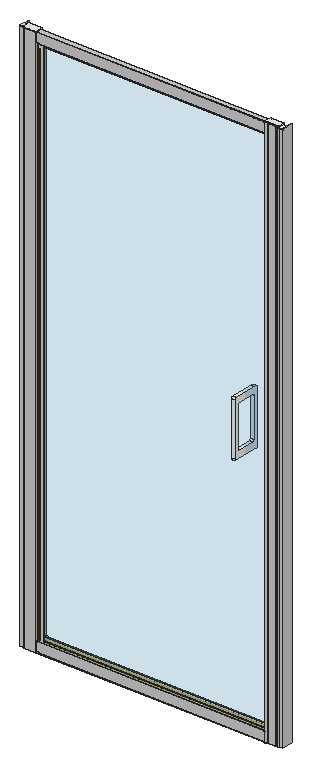
Revit family "TOPP", category Plumbing Fixtures, Revit 2015
Parameters (values of type "900")
  Seal = Seal
  Profile = Profile
  Glass = Glass
  Aluminum = Aluminum
  A = 900 mm
  URL = "http://www.sanswiss.com/"
  Type Comments = "TOP LINE"
  Model = "TOPP"
  Manufacturer = "SanSwiss"
Types (5, lengths in mm): name | A
  700 | 700
  750 | 750
  1000 | 1000
  900 | 900
  800 | 800
Reference planes
  plane 1 "Center (Front/Back)": y = 0
  plane 2: z = 0
  plane 3 "Center (Left/Right)": x = 0
  plane 4 "P": x = 900
  plane 5 "top": z = 1902.5
  plane 6: x = 845
Forms (mm)
  Sweep 1, solid, material "Profile" <- "Profile"
    path origin (0, 12.3, 2.5) x (0, 1, 0) y (0, 0, 1)
      loop
        line (0, 1898) -> (0, 0)
    profile origin (0, 12.3, 951.5) x (1, 0, 0) y (0, 1, 0)
      loop
        line (1.457, -9) -> (36.499, -9)
        arc (36.499, -9) -> (37.56, -8.561) -> (37.999, -7.5) r 1.5
        line (37.999, -7.5) -> (37.999, 7.5)
        arc (37.999, 7.5) -> (37.56, 8.561) -> (36.499, 9) r 1.5
        line (36.499, 9) -> (2.518, 9)
        arc (2.518, 9) -> (1.798, 9.298) -> (1.5, 10.018) r 1.018
        line (1.5, 10.018) -> (1.5, 27.3)
        arc (1.5, 27.3) -> (1.061, 28.361) -> (0, 28.8) r 1.5
        line (0, 28.8) -> (0, -7.543)
        arc (0, -7.543) -> (0.427, -8.573) -> (1.457, -9) r 1.457
  Sweep 2, solid, material "Profile" <- "Profile"
    path origin (0, 12.3, 2.5) x (0, 1, 0) y (0, 0, 1)
      loop
        line (0, 1900) -> (0, 0)
    profile origin (0, 12.3, 952.5) x (1, 0, 0) y (0, 1, 0)
      loop
        line (14.5, 9) -> (16, 9) -> (16, 10.8) -> (22.8, 10.8) -> (22.8, 9.2) -> (24.3, 9.2) -> (24.3, 10.8) -> (53.5, 10.8) -> (53.5, 5.5) -> (52.2, 5.5)
        arc (52.2, 5.5) -> (50.998, 5.002) -> (50.5, 3.8) r 1.7
        line (50.5, 3.8) -> (50.5, -10.8) -> (24.3, -10.8) -> (24.3, -9.2) -> (22.8, -9.2) -> (22.8, -10.8) -> (16, -10.8) -> (16, -9) -> (14.5, -9) -> (14.5, -10.8)
        arc (14.5, -10.8) -> (14.939, -11.861) -> (16, -12.3) r 1.5
        line (16, -12.3) -> (57.75, -12.3)
        arc (57.75, -12.3) -> (58.5, -11.55) -> (57.75, -10.8) r 0.75
        line (57.75, -10.8) -> (55, -10.8) -> (55, 10.8) -> (57.75, 10.8)
        arc (57.75, 10.8) -> (58.5, 11.55) -> (57.75, 12.3) r 0.75
        line (57.75, 12.3) -> (16, 12.3)
        arc (16, 12.3) -> (14.939, 11.861) -> (14.5, 10.8) r 1.5
        line (14.5, 10.8) -> (14.5, 9)
  Sweep 3, solid, material "Profile" <- "Profile"
    path origin (0, 0, 0) x (0, 1, 0) y (0, 0, 1)
      loop
        line (11.956, 1872) -> (11.956, 34.5)
    profile origin (0, 11.956, 953.25) x (1, 0, 0) y (0, 1, 0)
      loop
        line (69.875, 4.344) -> (75.346, 4.344)
        arc (75.346, 4.344) -> (75.852, 4.606) -> (75.931, 5.171) r 0.62
        arc (75.931, 5.171) -> (56.48, 1.825) -> (75.944, -1.445) r 10.01
        arc (75.944, -1.445) -> (75.867, -0.906) -> (75.382, -0.656) r 0.594
        line (75.382, -0.656) -> (69.875, -0.656)
        arc (69.875, -0.656) -> (62.188, 1.844) -> (69.875, 4.344) r 4.25
  Sweep 4, solid, material "Seal" <- "Seal"
    path origin (0, 0, 0) x (0, 1, 0) y (0, 0, 1)
      loop
        line (12.581, 1872) -> (12.581, 30.897)
    profile origin (0, 12.581, 951.448) x (1, 0, 0) y (0, 1, 0)
      loop
        line (55, 10.519) -> (55, -10.158) -> (62.742, -9.355)
        arc (62.742, -9.355) -> (63.177, -8.589) -> (62.311, -8.427) r 0.541
        arc (62.311, -8.427) -> (55.662, -0.072) -> (60.015, 9.678) r 10.281
        line (60.015, 9.678) -> (61.181, 9.706)
        arc (61.181, 9.706) -> (62.131, 10.244) -> (63.144, 10.65) r 8.177
        line (63.144, 10.65) -> (57.75, 10.519) -> (55, 10.519)
  Extrusion 5, solid, material "Glass" <- "Glass"
    sketch origin (-175.162, 1.619, 0) x (0, -1, 0) y (1, 0, 0)
      loop
        line (-14.681, 1013.174) -> (-14.681, 237.35) -> (-9.681, 237.35) -> (-9.681, 1013.174) -> (-14.681, 1013.174)
    from 43.5 to 1857
  Extrusion 6, solid, material "Aluminum" <- "Aluminum"
    sketch origin (0, 0, 0) x (1, 0, 0) y (0, 1, 0)
      loop
        line (37.999, 4.8) -> (37.999, 19.8)
        arc (37.999, 19.8) -> (37.56, 20.861) -> (36.499, 21.3) r 1.5
        line (36.499, 21.3) -> (1.5, 21.3)
        arc (1.5, 21.3) -> (0.439, 20.861) -> (0, 19.8) r 1.5
        line (0, 19.8) -> (0, 4.8)
        arc (0, 4.8) -> (0.439, 3.739) -> (1.5, 3.3) r 1.5
        line (1.5, 3.3) -> (36.499, 3.3)
        arc (36.499, 3.3) -> (37.56, 3.739) -> (37.999, 4.8) r 1.5
    from 1900.5 to 1901.5
  Extrusion 7, solid, material "Aluminum" <- "Aluminum"
    sketch origin (0, 0, 0) x (1, 0, 0) y (0, 1, 0)
      loop
        line (57.7, 24.6) -> (16, 24.6)
        arc (16, 24.6) -> (14.939, 24.161) -> (14.5, 23.1) r 1.5
        line (14.5, 23.1) -> (14.5, 21.3)
        arc (14.5, 21.3) -> (13.439, 20.861) -> (13, 19.8) r 1.5
        line (13, 19.8) -> (13, 4.8)
        arc (13, 4.8) -> (13.439, 3.739) -> (14.5, 3.3) r 1.5
        line (14.5, 3.3) -> (14.5, 1.5)
        arc (14.5, 1.5) -> (14.939, 0.439) -> (16, 0) r 1.5
        line (16, 0) -> (57.7, 0)
        arc (57.7, 0) -> (58.266, 0.234) -> (58.5, 0.8) r 0.8
        line (58.5, 0.8) -> (58.5, 23.8)
        arc (58.5, 23.8) -> (58.266, 24.366) -> (57.7, 24.6) r 0.8
    from 1902.5 to 1905
  Extrusion 8, solid, material "Profile" <- "Profile"
    sketch origin (751.265, 9.581, 1884.563) x (0, 0, -1) y (0, -1, 0)
      loop
        line (16.663, 8.081) -> (-16.898, 8.081)
        arc (-16.898, 8.081) -> (-17.633, 7.776) -> (-17.937, 7.041) r 1.04
        line (-17.937, 7.041) -> (-17.937, -8.904)
        arc (-17.937, -8.904) -> (-17.64, -9.622) -> (-16.922, -9.919) r 1.015
        line (-16.922, -9.919) -> (10.045, -9.919)
        arc (10.045, -9.919) -> (10.66, -9.711) -> (11.02, -9.171) r 1.01
        line (11.02, -9.171) -> (12.342, -4.239)
        arc (12.342, -4.239) -> (12.507, -3.407) -> (12.563, -2.56) r 6.486
        line (12.563, -2.56) -> (12.563, 6.281) -> (16.663, 6.281)
        arc (16.663, 6.281) -> (17.563, 7.181) -> (16.663, 8.081) r 0.9
    from -93.735 to 696.265
  Extrusion 9, solid, material "Profile" <- "Profile"
    sketch origin (751.265, 9.581, 18.437) x (0, 0, 1) y (0, 1, 0)
      loop
        arc (16.663, -8.081) -> (17.563, -7.181) -> (16.663, -6.281) r 0.9
        line (16.663, -6.281) -> (12.563, -6.281) -> (12.563, 3.414) -> (11.02, 9.171)
        arc (11.02, 9.171) -> (10.66, 9.711) -> (10.045, 9.919) r 1.01
        line (10.045, 9.919) -> (-16.922, 9.919)
        arc (-16.922, 9.919) -> (-17.64, 9.622) -> (-17.937, 8.904) r 1.015
        line (-17.937, 8.904) -> (-17.937, -7.041)
        arc (-17.937, -7.041) -> (-17.633, -7.776) -> (-16.898, -8.081) r 1.04
        line (-16.898, -8.081) -> (16.663, -8.081)
    from -93.735 to 696.265
  Extrusion 10, solid, material "Seal" <- "Seal"
    sketch origin (836, 16.075, 39.524) x (0, 0, 1) y (0, -1, 0)
      loop
        line (1.917, -3.558) -> (-13.17, -5.327)
        arc (-13.17, -5.327) -> (-13.521, -5.771) -> (-13.077, -6.121) r 0.4
        line (-13.077, -6.121) -> (1.54, -4.408)
        arc (1.54, -4.408) -> (1.988, -4.593) -> (2.173, -5.041) r 0.633
        line (2.173, -5.041) -> (1.644, -7.117)
        arc (1.644, -7.117) -> (2.113, -7.907) -> (2.903, -7.438) r 0.65
        line (2.903, -7.438) -> (4.256, -2.137)
        arc (4.256, -2.137) -> (4.465, -1.803) -> (4.83, -1.652) r 0.648
        line (4.83, -1.652) -> (11.841, -1.065)
        arc (11.841, -1.065) -> (12.435, -0.363) -> (11.733, 0.23) r 0.65
        line (11.733, 0.23) -> (1.561, -0.62)
        arc (1.561, -0.62) -> (0.8, -0.36) -> (0.476, 0.378) r 1.002
        line (0.476, 0.378) -> (0.476, 4.593)
        arc (0.476, 4.593) -> (0.794, 5.317) -> (1.542, 5.574) r 0.984
        line (1.542, 5.574) -> (12.005, 4.699)
        arc (12.005, 4.699) -> (12.707, 5.292) -> (12.114, 5.994) r 0.65
        line (12.114, 5.994) -> (2.047, 6.836) -> (1.218, 6.859)
        arc (1.218, 6.859) -> (-0.239, 6.107) -> (-0.824, 4.576) r 2.297
        line (-0.824, 4.576) -> (-0.824, 3.078)
        arc (-0.824, 3.078) -> (-2.089, 2.679) -> (-3.401, 2.876) r 2.942
        line (-3.401, 2.876) -> (-11.579, 2.876) -> (-11.793, 2.076) -> (-3.401, 2.076)
        arc (-3.401, 2.076) -> (-2.089, 2.273) -> (-0.824, 1.874) r 2.942
        line (-0.824, 1.874) -> (-0.824, 0.376)
        arc (-0.824, 0.376) -> (-0.239, -1.156) -> (1.218, -1.907) r 2.297
        arc (1.218, -1.907) -> (1.755, -2.653) -> (1.917, -3.558) r 2.076
    from -759.003 to 9
  Extrusion 11, solid, material "Aluminum" <- "Aluminum"
    sketch origin (1.5, 22.318, 1900.5) x (0, 0, -1) y (0, 1, 0)
      loop
        circle (100, 8.982) r 6.734
    from 0 to 5.417
  Extrusion 12, solid, material "Aluminum" <- "Aluminum"
    sketch origin (1.5, 22.318, 1051.472) x (0, 0, -1) y (0, 1, 0)
      loop
        circle (100, 8.982) r 6.734
    from 0 to 5.417
  Extrusion 13, solid, material "Aluminum" <- "Aluminum"
    sketch origin (1.5, 22.318, 202.454) x (0, 0, -1) y (0, 1, 0)
      loop
        circle (100, 8.982) r 6.734
    from 0 to 5.417
  Extrusion 14, solid, material "Aluminum" <- "Aluminum"
    sketch origin (1098.494, 22.318, 1898) x (0, 0, -1) y (0, -1, 0)
      loop
        circle (100, -8.982) r 6.734
    from 199.994 to 205.418
  Extrusion 15, solid, material "Aluminum" <- "Aluminum"
    sketch origin (1098.494, 22.318, 1048.972) x (0, 0, -1) y (0, -1, 0)
      loop
        circle (100, -8.982) r 6.734
    from 199.994 to 205.418
  Extrusion 16, solid, material "Aluminum" <- "Aluminum"
    sketch origin (1098.494, 22.318, 199.954) x (0, 0, -1) y (0, -1, 0)
      loop
        circle (100, -8.982) r 6.734
    from 199.994 to 205.418
  Sweep 17, solid, material "Profile" <- "Profile"
    path origin (900, 0, 2.5) x (0, 1, 0) y (0, 0, 1)
      loop
        line (8.3, 1900) -> (8.3, 0)
    profile origin (900, 8.3, 952.5) x (1, 0, 0) y (0, 1, 0)
      loop
        line (-14.5, 13) -> (-14.5, 14.8)
        arc (-14.5, 14.8) -> (-14.939, 15.861) -> (-16, 16.3) r 1.5
        line (-16, 16.3) -> (-57.75, 16.3)
        arc (-57.75, 16.3) -> (-58.5, 15.55) -> (-57.75, 14.8) r 0.75
        line (-57.75, 14.8) -> (-55, 14.8) -> (-55, -6.8) -> (-57.75, -6.8)
        arc (-57.75, -6.8) -> (-58.5, -7.55) -> (-57.75, -8.3) r 0.75
        line (-57.75, -8.3) -> (-16, -8.3)
        arc (-16, -8.3) -> (-14.939, -7.861) -> (-14.5, -6.8) r 1.5
        line (-14.5, -6.8) -> (-14.5, -5) -> (-16, -5) -> (-16, -6.8) -> (-22.8, -6.8) -> (-22.8, -5.2) -> (-24.3, -5.2) -> (-24.3, -6.8) -> (-50.5, -6.8) -> (-50.5, 7.8)
        arc (-50.5, 7.8) -> (-50.998, 9.002) -> (-52.2, 9.5) r 1.7
        line (-52.2, 9.5) -> (-53.5, 9.5) -> (-53.5, 14.8) -> (-24.3, 14.8) -> (-24.3, 13.2) -> (-22.8, 13.2) -> (-22.8, 14.8) -> (-16, 14.8) -> (-16, 13) -> (-14.5, 13)
  Extrusion 18, solid, material "Aluminum" <- "Aluminum"
    sketch origin (924.377, 0, 0) x (-1, 0, 0) y (0, -1, 0)
      loop
        arc (82.075, -24.6) -> (82.641, -24.366) -> (82.875, -23.8) r 0.8
        line (82.875, -23.8) -> (82.875, -0.8)
        arc (82.875, -0.8) -> (82.641, -0.234) -> (82.075, 0) r 0.8
        line (82.075, 0) -> (40.376, 0)
        arc (40.376, 0) -> (39.316, -0.439) -> (38.876, -1.5) r 1.5
        line (38.876, -1.5) -> (38.876, -3.3)
        arc (38.876, -3.3) -> (37.816, -3.74) -> (37.377, -4.8) r 1.5
        line (37.377, -4.8) -> (37.377, -19.799)
        arc (37.377, -19.799) -> (37.816, -20.86) -> (38.876, -21.299) r 1.5
        line (38.876, -21.299) -> (38.876, -23.1)
        arc (38.876, -23.1) -> (39.316, -24.161) -> (40.376, -24.6) r 1.5
        line (40.376, -24.6) -> (82.075, -24.6)
    from 1902.5 to 1905
  Extrusion 19, solid, material "Aluminum" <- "Aluminum"
    sketch origin (930.971, 0, 0) x (-1, 0, 0) y (0, -1, 0)
      loop
        arc (68.97, -4.8) -> (68.531, -3.739) -> (67.47, -3.3) r 1.5
        line (67.47, -3.3) -> (32.471, -3.3)
        arc (32.471, -3.3) -> (31.41, -3.739) -> (30.971, -4.8) r 1.5
        line (30.971, -4.8) -> (30.971, -19.8)
        arc (30.971, -19.8) -> (31.41, -20.861) -> (32.471, -21.3) r 1.5
        line (32.471, -21.3) -> (67.47, -21.3)
        arc (67.47, -21.3) -> (68.531, -20.861) -> (68.97, -19.8) r 1.5
        line (68.97, -19.8) -> (68.97, -4.8)
    from 1900.5 to 1901.5
  Sweep 20, solid, material "Seal" <- "Seal"
    path origin (200, 0, 0) x (1, 0, 0) y (0, 0, 1)
      loop
        line (700, 51.076) -> (700, 1857)
    profile origin (900, 0, 954.038) x (-1, 0, 0) y (0, -1, 0)
      loop
        line (68.957, -16.256) -> (63.084, -17.082)
        arc (63.084, -17.082) -> (62.365, -16.896) -> (61.988, -16.256) r 0.97
        line (61.988, -16.256) -> (61.988, -11.336)
        arc (61.988, -11.336) -> (62.365, -10.696) -> (63.084, -10.51) r 0.97
        line (63.084, -10.51) -> (68.957, -11.336)
        arc (68.957, -11.336) -> (68.92, -10.523) -> (68.267, -10.038) r 0.947
        line (68.267, -10.038) -> (63.3, -9.319)
        arc (63.3, -9.319) -> (62.741, -9.309) -> (62.197, -9.441) r 2.201
        arc (62.197, -9.441) -> (60.299, -7.871) -> (57.904, -7.292) r 5.475
        arc (57.904, -7.292) -> (55.877, -7.893) -> (55, -9.817) r 2.549
        line (55, -9.817) -> (55, -17.775)
        arc (55, -17.775) -> (55.877, -19.699) -> (57.904, -20.3) r 2.549
        arc (57.904, -20.3) -> (60.299, -19.721) -> (62.197, -18.151) r 5.475
        arc (62.197, -18.151) -> (62.741, -18.282) -> (63.3, -18.273) r 2.201
        line (63.3, -18.273) -> (68.267, -17.553)
        arc (68.267, -17.553) -> (68.92, -17.069) -> (68.957, -16.256) r 0.947
  Sweep 21, solid, material "Profile" <- "Profile"
    path origin (200, 0, 2.5) x (1, 0, 0) y (0, 0, 1)
      loop
        line (700, 0) -> (700, 1898)
    profile origin (900, 0, 951.5) x (-1, 0, 0) y (0, -1, 0)
      loop
        arc (1.457, -3.3) -> (0.427, -3.727) -> (0, -4.757) r 1.457
        line (0, -4.757) -> (0, -41.1)
        arc (0, -41.1) -> (1.061, -40.661) -> (1.5, -39.6) r 1.5
        line (1.5, -39.6) -> (1.5, -22.318)
        arc (1.5, -22.318) -> (1.798, -21.598) -> (2.518, -21.3) r 1.018
        line (2.518, -21.3) -> (36.499, -21.3)
        arc (36.499, -21.3) -> (37.56, -20.861) -> (37.999, -19.8) r 1.5
        line (37.999, -19.8) -> (37.999, -4.8)
        arc (37.999, -4.8) -> (37.56, -3.739) -> (36.499, -3.3) r 1.5
        line (36.499, -3.3) -> (1.457, -3.3)
  Extrusion 22, solid, material "Aluminum" <- "Aluminum", not visible
    sketch origin (898.494, 22.318, 1898) x (0, 0, -1) y (0, -1, 0)
      loop
        circle (100, -8.982) r 6.734
    from 199.994 to 205.418
  Extrusion 23, solid, material "Aluminum" <- "Aluminum", not visible
    sketch origin (898.494, 22.318, 1048.972) x (0, 0, -1) y (0, -1, 0)
      loop
        circle (100, -8.982) r 6.734
    from 199.994 to 205.418
  Extrusion 24, solid, material "Aluminum" <- "Aluminum", not visible
    sketch origin (898.494, 22.318, 199.954) x (0, 0, -1) y (0, -1, 0)
      loop
        circle (100, -8.982) r 6.734
    from 199.994 to 205.418
  Sweep 25, solid, material "Profile" <- "Profile", not visible
    path origin (700, 0, 2.5) x (0, 1, 0) y (0, 0, 1)
      loop
        line (8.3, 1900) -> (8.3, 0)
    profile origin (700, 8.3, 952.5) x (1, 0, 0) y (0, 1, 0)
      loop
        line (-14.5, 13) -> (-14.5, 14.8)
        arc (-14.5, 14.8) -> (-14.939, 15.861) -> (-16, 16.3) r 1.5
        line (-16, 16.3) -> (-57.75, 16.3)
        arc (-57.75, 16.3) -> (-58.5, 15.55) -> (-57.75, 14.8) r 0.75
        line (-57.75, 14.8) -> (-55, 14.8) -> (-55, -6.8) -> (-57.75, -6.8)
        arc (-57.75, -6.8) -> (-58.5, -7.55) -> (-57.75, -8.3) r 0.75
        line (-57.75, -8.3) -> (-16, -8.3)
        arc (-16, -8.3) -> (-14.939, -7.861) -> (-14.5, -6.8) r 1.5
        line (-14.5, -6.8) -> (-14.5, -5) -> (-16, -5) -> (-16, -6.8) -> (-22.8, -6.8) -> (-22.8, -5.2) -> (-24.3, -5.2) -> (-24.3, -6.8) -> (-50.5, -6.8) -> (-50.5, 7.8)
        arc (-50.5, 7.8) -> (-50.998, 9.002) -> (-52.2, 9.5) r 1.7
        line (-52.2, 9.5) -> (-53.5, 9.5) -> (-53.5, 14.8) -> (-24.3, 14.8) -> (-24.3, 13.2) -> (-22.8, 13.2) -> (-22.8, 14.8) -> (-16, 14.8) -> (-16, 13) -> (-14.5, 13)
  Extrusion 26, solid, material "Aluminum" <- "Aluminum", not visible
    sketch origin (724.377, 0, 0) x (-1, 0, 0) y (0, -1, 0)
      loop
        arc (82.075, -24.6) -> (82.641, -24.366) -> (82.875, -23.8) r 0.8
        line (82.875, -23.8) -> (82.875, -0.8)
        arc (82.875, -0.8) -> (82.641, -0.234) -> (82.075, 0) r 0.8
        line (82.075, 0) -> (40.376, 0)
        arc (40.376, 0) -> (39.316, -0.439) -> (38.876, -1.5) r 1.5
        line (38.876, -1.5) -> (38.876, -3.3)
        arc (38.876, -3.3) -> (37.816, -3.74) -> (37.377, -4.8) r 1.5
        line (37.377, -4.8) -> (37.377, -19.799)
        arc (37.377, -19.799) -> (37.816, -20.86) -> (38.876, -21.299) r 1.5
        line (38.876, -21.299) -> (38.876, -23.1)
        arc (38.876, -23.1) -> (39.316, -24.161) -> (40.376, -24.6) r 1.5
        line (40.376, -24.6) -> (82.075, -24.6)
    from 1902.5 to 1905
  Extrusion 27, solid, material "Aluminum" <- "Aluminum", not visible
    sketch origin (730.971, 0, 0) x (-1, 0, 0) y (0, -1, 0)
      loop
        arc (68.97, -4.8) -> (68.531, -3.739) -> (67.47, -3.3) r 1.5
        line (67.47, -3.3) -> (32.471, -3.3)
        arc (32.471, -3.3) -> (31.41, -3.739) -> (30.971, -4.8) r 1.5
        line (30.971, -4.8) -> (30.971, -19.8)
        arc (30.971, -19.8) -> (31.41, -20.861) -> (32.471, -21.3) r 1.5
        line (32.471, -21.3) -> (67.47, -21.3)
        arc (67.47, -21.3) -> (68.531, -20.861) -> (68.97, -19.8) r 1.5
        line (68.97, -19.8) -> (68.97, -4.8)
    from 1900.5 to 1901.5
  Sweep 28, solid, material "Seal" <- "Seal", not visible
    path origin (0, 0, 0) x (1, 0, 0) y (0, 0, 1)
      loop
        line (700, 51.076) -> (700, 1857)
    profile origin (700, 0, 954.038) x (-1, 0, 0) y (0, -1, 0)
      loop
        line (68.957, -16.256) -> (63.084, -17.082)
        arc (63.084, -17.082) -> (62.365, -16.896) -> (61.988, -16.256) r 0.97
        line (61.988, -16.256) -> (61.988, -11.336)
        arc (61.988, -11.336) -> (62.365, -10.696) -> (63.084, -10.51) r 0.97
        line (63.084, -10.51) -> (68.957, -11.336)
        arc (68.957, -11.336) -> (68.92, -10.523) -> (68.267, -10.038) r 0.947
        line (68.267, -10.038) -> (63.3, -9.319)
        arc (63.3, -9.319) -> (62.741, -9.309) -> (62.197, -9.441) r 2.201
        arc (62.197, -9.441) -> (60.299, -7.871) -> (57.904, -7.292) r 5.475
        arc (57.904, -7.292) -> (55.877, -7.893) -> (55, -9.817) r 2.549
        line (55, -9.817) -> (55, -17.775)
        arc (55, -17.775) -> (55.877, -19.699) -> (57.904, -20.3) r 2.549
        arc (57.904, -20.3) -> (60.299, -19.721) -> (62.197, -18.151) r 5.475
        arc (62.197, -18.151) -> (62.741, -18.282) -> (63.3, -18.273) r 2.201
        line (63.3, -18.273) -> (68.267, -17.553)
        arc (68.267, -17.553) -> (68.92, -17.069) -> (68.957, -16.256) r 0.947
  Sweep 29, solid, material "Profile" <- "Profile", not visible
    path origin (0, 0, 2.5) x (1, 0, 0) y (0, 0, 1)
      loop
        line (700, 0) -> (700, 1898)
    profile origin (700, 0, 951.5) x (-1, 0, 0) y (0, -1, 0)
      loop
        arc (1.457, -3.3) -> (0.427, -3.727) -> (0, -4.757) r 1.457
        line (0, -4.757) -> (0, -41.1)
        arc (0, -41.1) -> (1.061, -40.661) -> (1.5, -39.6) r 1.5
        line (1.5, -39.6) -> (1.5, -22.318)
        arc (1.5, -22.318) -> (1.798, -21.598) -> (2.518, -21.3) r 1.018
        line (2.518, -21.3) -> (36.499, -21.3)
        arc (36.499, -21.3) -> (37.56, -20.861) -> (37.999, -19.8) r 1.5
        line (37.999, -19.8) -> (37.999, -4.8)
        arc (37.999, -4.8) -> (37.56, -3.739) -> (36.499, -3.3) r 1.5
        line (36.499, -3.3) -> (1.457, -3.3)
Dimensions and locks
  "A": plane 3 "Center (Left/Right)" to plane 4 "P"
  locked: Extrusion 8 to Extrusion 7 sketch curve at 3.5
  locked: Extrusion 7 sketch curve to Sweep 2 at 1.5
  locked: Sweep 17 to Extrusion 18 sketch curve at 1.5
  locked: Extrusion 18 sketch curve to Extrusion 18 sketch curve at 45.498
  locked: Extrusion 6 sketch curve to Extrusion 6 sketch curve at 34.999  (x2)
  locked: Extrusion 6 sketch curve to Extrusion 6 sketch curve at 1.5
  locked: Extrusion 19 sketch curve to Extrusion 19 sketch curve at 34.999  (x2)
  locked: Extrusion 19 sketch curve to Extrusion 19 sketch curve at 1.5
  locked: nested 1 to Sweep 17 at 80
  locked: Sweep 25 to Extrusion 26 sketch curve at 1.5
  locked: Extrusion 26 sketch curve to Extrusion 26 sketch curve at 45.498
  locked: Extrusion 27 sketch curve to Extrusion 27 sketch curve at 34.999  (x2)
  locked: Extrusion 27 sketch curve to Extrusion 27 sketch curve at 1.5
  locked: Extrusion 18 to plane 4 "P" at 58.498
  locked: plane 6 to plane 4 "P" at 55
  aligned and locked: level to plane 2
  aligned and locked: Sweep 17 to Extrusion 9
  aligned and locked: Sweep 2 to Extrusion 7 sketch curve  (x2)
  aligned and locked: Extrusion 7 sketch curve to Sweep 2  (x2)
  aligned and locked: Extrusion 18 sketch curve to Sweep 17  (x4)
  aligned and locked: Extrusion 6 sketch curve to Sweep 1
  aligned and locked: Sweep 1 to Extrusion 6 sketch curve  (x2)
  aligned and locked: Extrusion 10 to Sweep 17
  aligned and locked: Extrusion 8 to Sweep 4 sketch curve
  aligned and locked: Extrusion 8 to Sweep 3 sketch curve
  aligned and locked: Extrusion 26 sketch curve to Sweep 25  (x4)
  aligned and locked: plane 6 to Extrusion 8
Automatic sketch dimensions
  level to Sweep 1 sketch curve = 2.5 mm
  Sweep 1 sketch curve to plane 1 "Center (Front/Back)" = 12.3 mm
  Sweep 1 sketch curve to plane 5 "top" = 2 mm
  level to Sweep 2 sketch curve = 2.5 mm
  Sweep 2 sketch curve to plane 1 "Center (Front/Back)" = 12.3 mm
  Sweep 2 sketch curve to plane 5 "top" = 0 mm
  profile plane to Sweep 2 sketch curve = 14.5 mm  (x2)
  Sweep 2 sketch curve to Sweep 2 sketch curve = 1.5 mm  (x4)
  Sweep 2 sketch curve to Sweep 2 sketch curve = 0 mm  (x7)
  Sweep 2 sketch curve to Sweep 2 sketch curve = 6.8 mm  (x2)
  Sweep 2 sketch curve to Sweep 2 sketch curve = 26.2 mm
  Sweep 2 sketch curve to Sweep 2 sketch curve = 1.7 mm
  Sweep 2 sketch curve to Sweep 2 sketch curve = 1.3 mm
  Sweep 2 sketch curve to Sweep 2 sketch curve = 4.5 mm
  Sweep 2 sketch curve to Sweep 2 sketch curve = 2.75 mm  (x2)
  profile plane to Sweep 2 sketch curve = 12.3 mm
  Sweep 2 sketch curve to Sweep 2 sketch curve = 0.75 mm
  Sweep 2 sketch curve to Sweep 2 sketch curve = 1.6 mm
  Sweep 2 sketch curve to Sweep 2 sketch curve = 1.8 mm  (x2)
  Sweep 2 sketch curve to profile plane = 3.8 mm
  Sweep 2 sketch curve to profile plane = 9 mm
  Sweep 2 sketch curve to Sweep 2 sketch curve = 0.2 mm
  Sweep 3 sketch curve to plane 1 "Center (Front/Back)" = 11.956 mm
  level to Sweep 3 sketch curve = 34.5 mm
  Sweep 3 sketch curve to profile plane = 1.844 mm
  profile plane to Sweep 3 sketch curve = 66.438 mm
  Sweep 3 sketch curve to Sweep 3 sketch curve = 0.052 mm
  profile plane to Sweep 3 sketch curve = 0.656 mm
  Sweep 3 sketch curve to Sweep 3 sketch curve = 3.385 mm  (x2)
  Sweep 3 sketch curve to Sweep 3 sketch curve = 5.471 mm
  profile plane to Sweep 3 sketch curve = 1.25 mm
  Sweep 3 sketch curve to Sweep 3 sketch curve = 5.507 mm
  Sweep 3 sketch curve to Sweep 3 sketch curve = 0 mm  (x2)
  Sweep 3 sketch curve to Sweep 3 sketch curve = 0.62 mm
  Sweep 4 sketch curve to plane 1 "Center (Front/Back)" = 12.581 mm
  level to Sweep 4 sketch curve = 30.897 mm
  Sweep 4 sketch curve to profile plane = 9.678 mm
  Sweep 4 sketch curve to profile plane = 9.706 mm
  Sweep 4 sketch curve to Sweep 4 sketch curve = 1.166 mm
  profile plane to Sweep 4 sketch curve = 9.355 mm
  Sweep 4 sketch curve to Sweep 4 sketch curve = 0.056 mm
  Sweep 4 sketch curve to Sweep 4 sketch curve = 1.963 mm
  Sweep 4 sketch curve to profile plane = 2.875 mm
  Sweep 4 sketch curve to Sweep 4 sketch curve = 0.185 mm
  Extrusion 5 sketch curve to plane 1 "Center (Front/Back)" = 16.3 mm
  Extrusion 5 sketch curve to Extrusion 5 sketch curve = 5 mm
  plane 3 "Center (Left/Right)" to Extrusion 5 sketch curve = 62.188 mm
  Extrusion 5 sketch curve to plane 4 "P" = 61.988 mm
  plane 3 "Center (Left/Right)" to Extrusion 6 sketch curve = 1.5 mm  (x2)
  Extrusion 7 sketch curve to Extrusion 7 sketch curve = 1.5 mm  (x3)
  Extrusion 7 sketch curve to Extrusion 7 sketch curve = 0.8 mm  (x2)
  Extrusion 7 sketch curve to Extrusion 7 sketch curve = 1.8 mm
  Extrusion 7 sketch curve to Extrusion 7 sketch curve = 3.3 mm
  Extrusion 8 sketch curve to plane 5 "top" = 0 mm
  Extrusion 8 sketch curve to plane 5 "top" = 1.015 mm
  Extrusion 8 sketch curve to plane 5 "top" = 1.04 mm
  Extrusion 8 sketch curve to Extrusion 8 sketch curve = 22.999 mm
  Extrusion 8 sketch curve to Extrusion 8 sketch curve = 3.968 mm
  Extrusion 8 sketch curve to plane 1 "Center (Front/Back)" = 18.751 mm
  Extrusion 8 sketch curve to Extrusion 8 sketch curve = 0.976 mm
  Extrusion 8 sketch curve to plane 1 "Center (Front/Back)" = 13.82 mm
  Extrusion 8 sketch curve to Extrusion 8 sketch curve = 1.321 mm
  Extrusion 8 sketch curve to plane 1 "Center (Front/Back)" = 3.3 mm
  Extrusion 8 sketch curve to Extrusion 8 sketch curve = 0.221 mm
  Extrusion 8 sketch curve to Extrusion 8 sketch curve = 4.1 mm
  Extrusion 8 sketch curve to Extrusion 8 sketch curve = 0.749 mm
  Extrusion 8 sketch curve to plane 1 "Center (Front/Back)" = 2.54 mm
  level to Extrusion 9 sketch curve = 0.5 mm
  Extrusion 9 sketch curve to Extrusion 9 sketch curve = 1.015 mm
  Extrusion 9 sketch curve to Extrusion 9 sketch curve = 1.04 mm
  Extrusion 9 sketch curve to Extrusion 9 sketch curve = 26.967 mm
  Extrusion 9 sketch curve to plane 1 "Center (Front/Back)" = 18.751 mm
  Extrusion 9 sketch curve to Extrusion 9 sketch curve = 0.976 mm
  Extrusion 9 sketch curve to plane 1 "Center (Front/Back)" = 12.995 mm
  Extrusion 9 sketch curve to Extrusion 9 sketch curve = 1.542 mm
  Extrusion 9 sketch curve to Extrusion 9 sketch curve = 4.1 mm
  Extrusion 9 sketch curve to plane 1 "Center (Front/Back)" = 3.3 mm
  Extrusion 9 sketch curve to plane 1 "Center (Front/Back)" = 2.54 mm
  Extrusion 9 sketch curve to Extrusion 9 sketch curve = 15.945 mm
  Sweep 1 to Extrusion 11 sketch curve = 8.982 mm
  Sweep 1 to Extrusion 11 sketch curve = 100 mm
  Sweep 1 to Extrusion 12 sketch curve = 8.982 mm
  Sweep 1 to Extrusion 12 sketch curve = 948.972 mm
  Sweep 1 to Extrusion 13 sketch curve = 8.982 mm
  Sweep 1 to Extrusion 13 sketch curve = 99.954 mm
  profile plane to Sweep 17 sketch curve = 7.55 mm
  Sweep 17 sketch curve to profile plane = 57.75 mm
  Sweep 17 sketch curve to Sweep 17 sketch curve = 0 mm  (x8)
  Sweep 17 sketch curve to Sweep 17 sketch curve = 2.75 mm
  Sweep 17 sketch curve to Sweep 17 sketch curve = 1.5 mm  (x5)
  Sweep 17 sketch curve to Sweep 17 sketch curve = 1.3 mm
  Sweep 17 sketch curve to Sweep 17 sketch curve = 1.7 mm
  Sweep 17 sketch curve to profile plane = 24.3 mm
  profile plane to Sweep 17 sketch curve = 6.8 mm
  Sweep 17 sketch curve to Sweep 17 sketch curve = 6.8 mm  (x2)
  Sweep 17 sketch curve to Sweep 17 sketch curve = 0.75 mm
  Sweep 17 sketch curve to Sweep 17 sketch curve = 1.6 mm
  Sweep 17 sketch curve to Sweep 17 sketch curve = 1.8 mm  (x2)
  Sweep 17 sketch curve to profile plane = 7.8 mm
  Sweep 17 sketch curve to profile plane = 13 mm
  Sweep 17 sketch curve to Sweep 17 sketch curve = 0.2 mm
  Extrusion 18 sketch curve to Extrusion 18 sketch curve = 1.5 mm  (x2)
  Extrusion 18 sketch curve to Extrusion 18 sketch curve = 0.8 mm  (x2)
  Extrusion 18 sketch curve to Extrusion 18 sketch curve = 1.8 mm
  Extrusion 18 sketch curve to Extrusion 18 sketch curve = 3.301 mm
  Extrusion 19 sketch curve to Extrusion 19 sketch curve = 1.5 mm  (x2)
  Extrusion 19 sketch curve to Extrusion 19 sketch curve = 15 mm
  Sweep 20 sketch curve to profile plane = 55 mm
  Sweep 20 sketch curve to Sweep 20 sketch curve = 0.036 mm  (x2)
  Sweep 20 sketch curve to Sweep 20 sketch curve = 0.216 mm  (x2)
  Sweep 20 sketch curve to Sweep 20 sketch curve = 5 mm  (x2)
  Sweep 20 sketch curve to Sweep 20 sketch curve = 0.183 mm  (x2)
  Sweep 20 sketch curve to Sweep 20 sketch curve = 0.873 mm  (x2)
  Sweep 20 sketch curve to Sweep 20 sketch curve = 0.026 mm  (x2)
  Sweep 20 sketch curve to Sweep 20 sketch curve = 2.058 mm
  Sweep 20 sketch curve to Sweep 20 sketch curve = 0.987 mm
  Sweep 17 sketch curve to Sweep 17 sketch curve = 1900 mm
  Sweep 20 sketch curve to Sweep 20 sketch curve = 1805.924 mm
  Sweep 20 sketch curve to profile plane = 18.273 mm
  Sweep 20 sketch curve to Sweep 20 sketch curve = 0.72 mm
  Sweep 20 sketch curve to Sweep 20 sketch curve = 1.192 mm  (x2)
  Sweep 20 sketch curve to Sweep 20 sketch curve = 0.929 mm
  Sweep 20 sketch curve to Sweep 20 sketch curve = 4.598 mm
  Sweep 20 sketch curve to Sweep 20 sketch curve = 4.921 mm
  Sweep 20 sketch curve to Sweep 20 sketch curve = 0.368 mm
  Sweep 21 sketch curve to Sweep 21 sketch curve = 1898 mm
  profile plane to Sweep 25 sketch curve = 7.55 mm
  Sweep 25 sketch curve to profile plane = 57.75 mm
  Sweep 25 sketch curve to Sweep 25 sketch curve = 0 mm  (x8)
  Sweep 25 sketch curve to Sweep 25 sketch curve = 2.75 mm
  Sweep 25 sketch curve to Sweep 25 sketch curve = 1.5 mm  (x5)
  Sweep 25 sketch curve to Sweep 25 sketch curve = 1.3 mm
  Sweep 25 sketch curve to Sweep 25 sketch curve = 1.7 mm
  Sweep 25 sketch curve to profile plane = 24.3 mm
  profile plane to Sweep 25 sketch curve = 6.8 mm
  Sweep 25 sketch curve to Sweep 25 sketch curve = 6.8 mm  (x2)
  Sweep 25 sketch curve to Sweep 25 sketch curve = 0.75 mm
  Sweep 25 sketch curve to Sweep 25 sketch curve = 1.6 mm
  Sweep 25 sketch curve to Sweep 25 sketch curve = 1.8 mm  (x2)
  Sweep 25 sketch curve to profile plane = 7.8 mm
  Sweep 25 sketch curve to profile plane = 13 mm
  Sweep 25 sketch curve to Sweep 25 sketch curve = 0.2 mm
  Extrusion 26 sketch curve to Extrusion 26 sketch curve = 1.5 mm  (x2)
  Extrusion 26 sketch curve to Extrusion 26 sketch curve = 0.8 mm  (x2)
  Extrusion 26 sketch curve to Extrusion 26 sketch curve = 1.8 mm
  Extrusion 26 sketch curve to Extrusion 26 sketch curve = 3.301 mm
  Extrusion 27 sketch curve to Extrusion 27 sketch curve = 1.5 mm  (x2)
  Extrusion 27 sketch curve to Extrusion 27 sketch curve = 15 mm
  Sweep 28 sketch curve to profile plane = 55 mm
  Sweep 28 sketch curve to Sweep 28 sketch curve = 0.036 mm  (x2)
  Sweep 28 sketch curve to Sweep 28 sketch curve = 0.216 mm  (x2)
  Sweep 28 sketch curve to Sweep 28 sketch curve = 5 mm  (x2)
  Sweep 28 sketch curve to Sweep 28 sketch curve = 0.183 mm  (x2)
  Sweep 28 sketch curve to Sweep 28 sketch curve = 0.873 mm  (x2)
  Sweep 28 sketch curve to Sweep 28 sketch curve = 0.026 mm  (x2)
  Sweep 28 sketch curve to Sweep 28 sketch curve = 2.058 mm
  Sweep 28 sketch curve to Sweep 28 sketch curve = 0.987 mm
  Sweep 25 sketch curve to Sweep 25 sketch curve = 1900 mm
  Sweep 28 sketch curve to Sweep 28 sketch curve = 1805.924 mm
  Sweep 28 sketch curve to profile plane = 18.273 mm
  Sweep 28 sketch curve to Sweep 28 sketch curve = 0.72 mm
  Sweep 28 sketch curve to Sweep 28 sketch curve = 1.192 mm  (x2)
  Sweep 28 sketch curve to Sweep 28 sketch curve = 0.929 mm
  Sweep 28 sketch curve to Sweep 28 sketch curve = 4.598 mm
  Sweep 28 sketch curve to Sweep 28 sketch curve = 4.921 mm
  Sweep 28 sketch curve to Sweep 28 sketch curve = 0.368 mm
  Sweep 29 sketch curve to Sweep 29 sketch curve = 1898 mm
  level to Extrusion 10 sketch curve = 26.353 mm
  Extrusion 10 sketch curve to Extrusion 10 sketch curve = 0.047 mm  (x2)
  Extrusion 10 sketch curve to Extrusion 10 sketch curve = 1.377 mm
  Extrusion 10 sketch curve to Extrusion 10 sketch curve = 0.214 mm
  Extrusion 10 sketch curve to Extrusion 10 sketch curve = 8.178 mm
  Extrusion 10 sketch curve to Extrusion 10 sketch curve = 0 mm
  Extrusion 10 sketch curve to Extrusion 10 sketch curve = 1.082 mm  (x2)
  Extrusion 10 sketch curve to Extrusion 10 sketch curve = 2.577 mm
  Extrusion 10 sketch curve to Extrusion 10 sketch curve = 1.495 mm
  Extrusion 10 sketch curve to Extrusion 10 sketch curve = 2.162 mm
  Extrusion 10 sketch curve to Extrusion 10 sketch curve = 1.3 mm
  Extrusion 10 sketch curve to plane 1 "Center (Front/Back)" = 9.216 mm
  Extrusion 10 sketch curve to Extrusion 10 sketch curve = 0.742 mm
  Extrusion 10 sketch curve to Extrusion 10 sketch curve = 0.984 mm
  Extrusion 10 sketch curve to Extrusion 10 sketch curve = 0.013 mm
  Extrusion 10 sketch curve to Extrusion 10 sketch curve = 0.997 mm
  Extrusion 10 sketch curve to Extrusion 10 sketch curve = 0.004 mm
  Extrusion 10 sketch curve to Extrusion 10 sketch curve = 1.697 mm
  Extrusion 10 sketch curve to plane 1 "Center (Front/Back)" = 10.501 mm
  Extrusion 10 sketch curve to Extrusion 10 sketch curve = 0.082 mm
  Extrusion 10 sketch curve to plane 1 "Center (Front/Back)" = 16.696 mm
  Extrusion 10 sketch curve to Extrusion 10 sketch curve = 0.088 mm
  Extrusion 10 sketch curve to Extrusion 10 sketch curve = 0.104 mm
  Extrusion 10 sketch curve to plane 1 "Center (Front/Back)" = 19.633 mm
  Extrusion 10 sketch curve to Extrusion 10 sketch curve = 0.377 mm
  Extrusion 10 sketch curve to plane 1 "Center (Front/Back)" = 9.239 mm
  Extrusion 10 sketch curve to Extrusion 10 sketch curve = 0.829 mm
  Extrusion 10 sketch curve to Extrusion 10 sketch curve = 0.633 mm
  Extrusion 10 sketch curve to Extrusion 10 sketch curve = 0.63 mm  (x2)
  Extrusion 10 sketch curve to plane 1 "Center (Front/Back)" = 18.212 mm
  Extrusion 10 sketch curve to Extrusion 10 sketch curve = 2.339 mm
  Extrusion 10 sketch curve to plane 1 "Center (Front/Back)" = 17.727 mm
  Extrusion 10 sketch curve to Extrusion 10 sketch curve = 0.574 mm
  Extrusion 10 sketch curve to Extrusion 10 sketch curve = 0.054 mm  (x5)
  Extrusion 10 sketch curve to plane 1 "Center (Front/Back)" = 15.845 mm
  Extrusion 10 sketch curve to Extrusion 10 sketch curve = 6.903 mm
  Extrusion 10 sketch curve to plane 1 "Center (Front/Back)" = 17.14 mm
  Extrusion 10 sketch curve to plane 1 "Center (Front/Back)" = 11.377 mm
  Extrusion 10 sketch curve to Extrusion 10 sketch curve = 0.272 mm
  Extrusion 10 sketch curve to plane 1 "Center (Front/Back)" = 10.081 mm
  Extrusion 10 sketch curve to Extrusion 10 sketch curve = 0.161 mm
  Extrusion 10 sketch curve to Extrusion 10 sketch curve = 0.995 mm
  Extrusion 10 sketch curve to Extrusion 10 sketch curve = 0.397 mm
  Extrusion 10 sketch curve to Extrusion 10 sketch curve = 1.483 mm
  Extrusion 10 sketch curve to Extrusion 10 sketch curve = 0.945 mm
  Extrusion 10 sketch curve to Extrusion 10 sketch curve = 1.037 mm
  Extrusion 10 sketch curve to Extrusion 10 sketch curve = 0.002 mm
  Extrusion 10 sketch curve to Extrusion 10 sketch curve = 1.498 mm
  Extrusion 10 sketch curve to Extrusion 10 sketch curve = 0.8 mm
  Extrusion 10 sketch curve to Extrusion 10 sketch curve = 1.204 mm
  Extrusion 10 sketch curve to plane 1 "Center (Front/Back)" = 23.513 mm
  profile plane to Sweep 4 sketch curve = 55 mm
  Sweep 4 sketch curve to profile plane = 1.221 mm
  Sweep 4 sketch curve to profile plane = 10.519 mm
  Sweep 4 sketch curve to Sweep 4 sketch curve = 2.265 mm
  Sweep 4 sketch curve to Sweep 4 sketch curve = 2.75 mm
  Sweep 4 sketch curve to Sweep 4 sketch curve = 7.686 mm
  Sweep 4 sketch curve to Sweep 4 sketch curve = 0.803 mm
  Sweep 4 sketch curve to Sweep 4 sketch curve = 0.538 mm
  Sweep 4 sketch curve to Sweep 4 sketch curve = 0.375 mm
  Sweep 20 sketch curve to Sweep 20 sketch curve = 2.549 mm  (x2)
  Sweep 20 sketch curve to Sweep 20 sketch curve = 0.299 mm
  Sweep 20 sketch curve to Sweep 20 sketch curve = 0 mm
  Sweep 20 sketch curve to Sweep 20 sketch curve = 4.14 mm
  Sweep 20 sketch curve to Sweep 20 sketch curve = 0.96 mm  (x2)
  Sweep 20 sketch curve to Sweep 20 sketch curve = 0.135 mm  (x2)
  Sweep 20 sketch curve to Sweep 20 sketch curve = 0.693 mm
  Sweep 20 sketch curve to Sweep 20 sketch curve = 0.825 mm
  Sweep 20 sketch curve to Sweep 20 sketch curve = 2.95 mm  (x2)
  Sweep 20 sketch curve to Sweep 20 sketch curve = 0.355 mm  (x2)
  Sweep 28 sketch curve to Sweep 28 sketch curve = 2.549 mm  (x2)
  Sweep 28 sketch curve to Sweep 28 sketch curve = 0.299 mm
  Sweep 28 sketch curve to Sweep 28 sketch curve = 0 mm
  Sweep 28 sketch curve to Sweep 28 sketch curve = 4.14 mm
  Sweep 28 sketch curve to Sweep 28 sketch curve = 0.96 mm  (x2)
  Sweep 28 sketch curve to Sweep 28 sketch curve = 0.135 mm  (x2)
  Sweep 28 sketch curve to Sweep 28 sketch curve = 0.693 mm
  Sweep 28 sketch curve to Sweep 28 sketch curve = 0.825 mm
  Sweep 28 sketch curve to Sweep 28 sketch curve = 2.95 mm  (x2)
  Sweep 28 sketch curve to Sweep 28 sketch curve = 0.355 mm  (x2)
  Sweep 1 sketch curve to profile plane = 0 mm
  Sweep 1 sketch curve to Sweep 1 sketch curve = 1.457 mm
  Sweep 1 sketch curve to Sweep 1 sketch curve = 1.018 mm
  Sweep 1 sketch curve to profile plane = 7.5 mm
  Sweep 1 sketch curve to Sweep 1 sketch curve = 33.982 mm
  profile plane to Sweep 1 sketch curve = 9 mm
  Sweep 1 sketch curve to Sweep 1 sketch curve = 0 mm
  Sweep 1 sketch curve to Sweep 1 sketch curve = 1.5 mm  (x2)
  Sweep 1 sketch curve to Sweep 1 sketch curve = 17.282 mm
  Sweep 21 sketch curve to profile plane = 0 mm
  Sweep 21 sketch curve to profile plane = 1.457 mm
  Sweep 21 sketch curve to Sweep 21 sketch curve = 1.018 mm
  Sweep 21 sketch curve to Sweep 21 sketch curve = 33.982 mm
  Sweep 21 sketch curve to profile plane = 3.3 mm
  Sweep 21 sketch curve to Sweep 21 sketch curve = 0 mm
  Sweep 21 sketch curve to Sweep 21 sketch curve = 1.5 mm  (x2)
  Sweep 21 sketch curve to Sweep 21 sketch curve = 15 mm
  Sweep 21 sketch curve to Sweep 21 sketch curve = 17.282 mm
  Sweep 29 sketch curve to profile plane = 0 mm
  Sweep 29 sketch curve to profile plane = 1.457 mm
  Sweep 29 sketch curve to Sweep 29 sketch curve = 1.018 mm
  Sweep 29 sketch curve to Sweep 29 sketch curve = 33.982 mm
  Sweep 29 sketch curve to profile plane = 3.3 mm
  Sweep 29 sketch curve to Sweep 29 sketch curve = 0 mm
  Sweep 29 sketch curve to Sweep 29 sketch curve = 1.5 mm  (x2)
  Sweep 29 sketch curve to Sweep 29 sketch curve = 15 mm
  Sweep 29 sketch curve to Sweep 29 sketch curve = 17.282 mm
  radius of Extrusion 11 sketch curve = 6.734 mm
  radius of Extrusion 12 sketch curve = 6.734 mm
  radius of Extrusion 13 sketch curve = 6.734 mm
  radius of Extrusion 14 sketch curve = 6.734 mm
  radius of Extrusion 15 sketch curve = 6.734 mm
  radius of Extrusion 16 sketch curve = 6.734 mm
  radius of Extrusion 22 sketch curve = 6.734 mm
  radius of Extrusion 23 sketch curve = 6.734 mm
  radius of Extrusion 24 sketch curve = 6.734 mm
Nested families
  nested 1: "doorknob TOP" at (744.491, 1.5, -4), type "doorknob TOP"
Definition of nested family "doorknob TOP"
  Parameters (values of type "doorknob TOP")
    Aluminum = none
  Reference planes
    plane 1 "Center (Front/Back)": y = 0
    plane 2: z = 0
    plane 3 "Center (Left/Right)": x = 0
    plane 4 "przód": y = -13.458
    plane 5 "klamka": z = 1037.624
  Forms (mm)
    Extrusion 1, solid, material <- "Aluminum"
      sketch origin (0, 0, 0) x (0, 1, 0) y (0, 0, 1)
        loop
          arc (-29.7, 1046) -> (-31.114, 1045.414) -> (-31.7, 1044) r 2
          line (-31.7, 1044) -> (-31.7, 858)
          arc (-31.7, 858) -> (-31.114, 856.586) -> (-29.7, 856) r 2
          line (-29.7, 856) -> (55.3, 856)
          arc (55.3, 856) -> (56.714, 856.586) -> (57.3, 858) r 2
          line (57.3, 858) -> (57.3, 1044)
          arc (57.3, 1044) -> (56.714, 1045.414) -> (55.3, 1046) r 2
          line (55.3, 1046) -> (-29.7, 1046)
        loop
          line (-23.9, 1021.451) -> (-23.9, 884)
          arc (-23.9, 884) -> (-22.436, 880.464) -> (-18.9, 879) r 5
          line (-18.9, 879) -> (44.8, 879)
          arc (44.8, 879) -> (48.336, 880.464) -> (49.8, 884) r 5
          line (49.8, 884) -> (49.8, 1020.703)
          arc (49.8, 1020.703) -> (47.956, 1025.156) -> (43.503, 1027) r 6.297
          line (43.503, 1027) -> (-18.351, 1027)
          arc (-18.351, 1027) -> (-22.275, 1025.375) -> (-23.9, 1021.451) r 5.549
      from 7.509 to 20.509
  Dimensions and locks
    aligned and locked: level to plane 2
